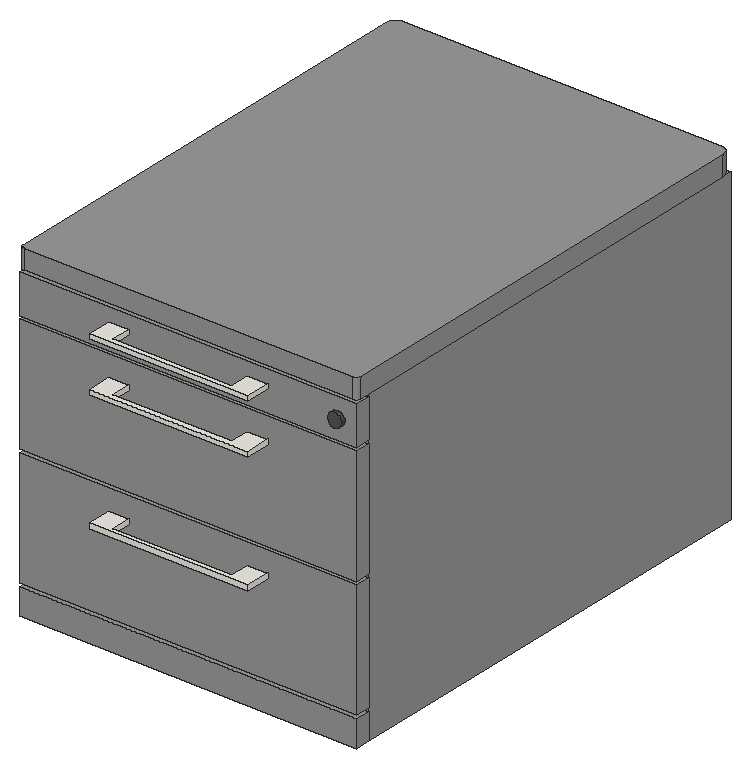
Revit family "Haworth_HC1Pedestal_7HE_EU_PRELIMINARY", category Furniture Systems, Revit 2019
Family settings
  Round Connector Dimension = Use Diameter
  Part Type = Normal
  OmniClass Number = 23.40.70.14.64.21
  OmniClass Title = Systems Furniture
  Work Plane-Based = No
  Always vertical = Yes
  Cut with Voids When Loaded = No
  Shared = No
  Room Calculation Point = No
Parameters (values of type "1/3/3 43.3 x 60 x 41.6")
  Without Pull = no
  Warranty = "http://www.haworth.com/resources/product-info/warranties"
  URL - Product = "https://www.haworth.com/eu/en/products/office-drawers/hc1.html"
  Top Depth = if([60D Top], 60 cm, 70 cm)  # 60 cm
  Thickness = if(High, 2.5 cm, 1.9 cm)  # 2.5 cm
  Standard Handle 2 = no
  Standard Handle 1 = no
  Recessed Handle 128 = no
  Pull Finish = Haworth _ Paint _ Smooth Plaster
  Pedestal Finish [instance] = Haworth _ Laminate _ Undecided _ Pedestal
  Model = "MS706133"  # constant formula
  Low = not(High)  # no
  High = yes
  Handle Metal = no
  Handle 2 = no
  Handle 128 128 = yes
  Handle 1 = no
  Glides = not(Casters)  # yes
  Glide Finish = Haworth _ Polymer _ Black
  Front Finish [instance] = Haworth _ Laminate _ Undecided _ Pedestal
  Description = "Haworth - HC1 Pedestal - 7HE Pedestal"  # constant formula
  URL = "https://www.haworth.com/eu/en.html"
  Size = "Verify Final Dim. w/ Haworth"  # constant formula
  Revision Number = "1"  # constant formula
  Manufacturer = "Haworth"  # constant formula
  Cushion Finish [instance] = Haworth _ Fabric _ Undecided _ Seating _ Lounge
  Casters = no
  Author = "Haworth (Abd Rahman)"  # constant formula
  Assembly Code = "E2020200"
  Actual Width = 43.3 cm  # constant formula
  Actual Height = 41.6 cm  # constant formula
  Actual Depth = 60 cm  # constant formula
  70D Top = not([60D Top])  # no
  60D Top = yes
Reference planes (cm)
  plane 1 "Storage Top Center F/B": y = 5
  plane 2: z = 0
  plane 3 "Storage Top Center L/R": x = 0
  plane 4 "Left": x = -21.65
  plane 5 "Back": y = 35
  plane 6 "Front": y = -25
  plane 7 "Right": x = 21.65
  plane 8 "Top": z = 44.1
  plane 9 "Bottom": z = 41.6
  plane 10: z = 1.6
  plane 11: z = 36.2
  plane 12: z = 35.8
  plane 13: z = 41.2
  plane 14: y = -23.095
  plane 15: y = 35
  plane 16: x = 19.15
  plane 17: z = 38.7
  plane 18: y = -26
  plane 19: z = 32.8
  plane 20: z = 1.6
  plane 21: z = 39.2
  plane 22: x = 9
  plane 23: x = -9
  plane 24: z = 34.175
  plane 25: z = 31.175
  plane 26: z = 18.65
  plane 27: z = 15.65
  plane 28: y = -25.4499
  plane 29: x = -7
  plane 30: x = 6.9654
  plane 31: z = 40.1924
  plane 32: z = 38.1924
  plane 33: z = 33.6674
  plane 34: z = 31.6674
  plane 35: z = 18.3986
  plane 36: z = 16.3986
  plane 37: y = -25.1733
  plane 38: z = 20.8
  plane 39: z = 20.4
  plane 40: z = 5.4
  plane 41: z = 5
  plane 42: y = -25.4499
  plane 43: z = 17.4
  plane 44: z = 40.7475
  plane 45: z = 37.7475
Forms (cm)
  Extrusion 1, solid, material "Haworth _ Fabric _ Undecided _ Seating _ Lounge" <- "Cushion Finish"
    sketch origin (-91.5403, -457.2, 41.6) x (-1, 0, 0) y (0, -1, 0)
      loop
        arc (-71.1603, -492.2) -> (-70.2623, -491.828) -> (-69.8903, -490.93) r 1.27
        line (-69.8903, -490.93) -> (-69.8903, -432.7913)
        arc (-69.8903, -432.7913) -> (-70.0635, -432.3732) -> (-70.4816, -432.2) r 0.5913
        line (-70.4816, -432.2) -> (-112.599, -432.2)
        arc (-112.599, -432.2) -> (-113.0171, -432.3732) -> (-113.1903, -432.7913) r 0.5913
        line (-113.1903, -432.7913) -> (-113.1903, -490.93)
        arc (-113.1903, -490.93) -> (-112.8183, -491.828) -> (-111.9203, -492.2) r 1.27
        line (-111.9203, -492.2) -> (-71.1603, -492.2)
    from 0 to 2.5
  Extrusion 2, solid, material "Haworth _ Laminate _ Undecided _ Pedestal" <- "Pedestal Finish"
    sketch origin (0, 0, 0) x (1, 0, 0) y (0, 1, 0)
      loop
        line (-21.65, 35) -> (-21.65, -23.095) -> (21.65, -23.095) -> (21.65, 35) -> (-21.65, 35)
    from 1.6 to 41.6
  Extrusion 3, solid, material "Haworth _ Polymer _ Black" <- "Glide Finish", visible <- "Glides"
    sketch origin (0, 0, 0) x (1, 0, 0) y (0, 1, 0)
      loop
        line (-19.65, -16.5595) -> (-19.65, -20.2688)
        arc (-19.65, -20.2688) -> (-14.3286, -18.4141) -> (-19.65, -16.5595) r 2.9839
      loop
        arc (19.65, -16.5595) -> (14.3286, -18.4141) -> (19.65, -20.2688) r 2.9839
        line (19.65, -20.2688) -> (19.65, -16.5595)
      loop
        arc (-19.65, 26.9645) -> (-14.3286, 28.8191) -> (-19.65, 30.6738) r 2.9839
        line (-19.65, 30.6738) -> (-19.65, 26.9645)
      loop
        line (19.65, 26.9645) -> (19.65, 30.6738)
        arc (19.65, 30.6738) -> (14.3286, 28.8191) -> (19.65, 26.9645) r 2.9839
    from 0 to 1.6
  Extrusion 4, solid, material "Haworth _ Polymer _ Black" <- "Glide Finish"
    sketch origin (257.4608, -25, 4.494) x (1, 0, 0) y (0, 0, -1)
      loop
        circle (-238.3108, -34.206) r 0.9
    from -0.4499 to 0
  Extrusion 5, solid, material "Haworth _ Paint _ Smooth Plaster" <- "Pull Finish", visible <- "Recessed Handle 128"
    sketch origin (0, -25, 0) x (1, 0, 0) y (0, 0, -1)
      loop
        line (-9, -34.175) -> (9, -34.175) -> (9, -31.175) -> (-9, -31.175) -> (-9, -34.175)
      loop
        line (-9, -18.65) -> (9, -18.65) -> (9, -15.65) -> (-9, -15.65) -> (-9, -18.65)
      loop
        line (-9, -40.7475) -> (9, -40.7475) -> (9, -37.7475) -> (-9, -37.7475) -> (-9, -40.7475)
    from -0.4499 to 0
  Extrusion 6, void
    sketch origin (0, -25, 0) x (1, 0, 0) y (0, 0, -1)
      loop
        line (-7, -40.1924) -> (6.9654, -40.1924) -> (6.9654, -38.1924) -> (-7, -38.1924) -> (-7, -40.1924)
      loop
        line (-7, -33.7924) -> (6.9654, -33.7924) -> (6.9654, -31.7924) -> (-7, -31.7924) -> (-7, -33.7924)
      loop
        line (-7, -18.3986) -> (6.9654, -18.3986) -> (6.9654, -16.3986) -> (-7, -16.3986) -> (-7, -18.3986)
    from -25.6289 to -0.1733
  Extrusion 7, solid, material "Haworth _ Polymer _ Black" <- "Glide Finish", visible <- "Casters"
    sketch origin (0, -25, 0) x (1, 0, 0) y (0, 0, -1)
      loop
        line (14.7912, -1.6) -> (18.7912, -1.6)
        arc (18.7912, -1.6) -> (16.7912, 0.0096) -> (14.7912, -1.6) r 2.0473
      loop
        arc (-14.7912, -1.6) -> (-16.7912, 0.0096) -> (-18.7912, -1.6) r 2.0473
        line (-18.7912, -1.6) -> (-14.7912, -1.6)
    from 4.7312 to 8.4405
  Extrusion 8, solid, material "Haworth _ Laminate _ Undecided _ Pedestal" <- "Pedestal Finish"
    sketch origin (257.4608, -25, 4.494) x (1, 0, 0) y (0, 0, -1)
      loop
        line (-279.1108, 2.894) -> (-279.1108, -0.506) -> (-235.8108, -0.506) -> (-235.8108, 2.894) -> (-279.1108, 2.894)
    from 0 to 1.905
  Extrusion 9, solid, material "Haworth _ Polymer _ Black" <- "Glide Finish", visible <- "Casters"
    sketch origin (0, 35, 0) x (1, 0, 0) y (0, 0, 1)
      loop
        arc (14.7912, 1.6) -> (16.7912, -0.0096) -> (18.7912, 1.6) r 2.0473
        line (18.7912, 1.6) -> (14.7912, 1.6)
      loop
        line (-14.7912, 1.6) -> (-18.7912, 1.6)
        arc (-18.7912, 1.6) -> (-16.7912, -0.0096) -> (-14.7912, 1.6) r 2.0473
    from 4.3262 to 8.0355
Cuts and joins
  Extrusion 6 cuts Extrusion 2
  Extrusion 6 cuts Extrusion 5
Lines and regions (cm)
  Masking region 1
    outline origin (0, 0, 44.1) x (-1, 0, 0) y (0, -1, 0)
      loop
        line (21.65, -33.73) -> (21.65, 23.325)
        arc (21.65, 23.325) -> (21.1594, 24.5094) -> (19.975, 25) r 1.675
        line (19.975, 25) -> (-20.38, 25)
        arc (-20.38, 25) -> (-21.278, 24.628) -> (-21.65, 23.73) r 1.27
        line (-21.65, 23.73) -> (-21.65, -33.73)
        arc (-21.65, -33.73) -> (-21.278, -34.628) -> (-20.38, -35) r 1.27
        line (-20.38, -35) -> (20.38, -35)
        arc (20.38, -35) -> (21.278, -34.628) -> (21.65, -33.73) r 1.27
Dimensions and locks (cm)
  equal spacing: plane 5 "Back", plane 1 "Storage Top Center F/B", plane 6 "Front"
  "Actual Depth": plane 5 "Back" to plane 6 "Front"
  equal spacing: plane 4 "Left", plane 3 "Storage Top Center L/R", plane 7 "Right"
  "Actual Width": plane 4 "Left" to plane 7 "Right"
  "Thickness": plane 8 "Top" to plane 9 "Bottom"
  "Actual Height": plane 9 "Bottom" to level
  locked: plane 11 to plane 12 at 0.4
  plane 9 "Bottom" to plane 13 = 0.4 cm
  plane 13 to plane 11 = 5 cm
  locked: plane 6 "Front" to plane 14 at 1.905
  "Top Depth": plane 15 to plane 6 "Front"
  locked: plane 16 to plane 7 "Right" at 2.5
  locked: plane 13 to plane 17 at 2.5
  locked: plane 18 to plane 6 "Front" at 1
  locked: plane 12 to plane 19 at 3
  locked: plane 13 to plane 21 at 2
  equal spacing: plane 23, plane 3 "Storage Top Center L/R", plane 22
  locked: plane 28 to plane 6 "Front" at 0.4499
  plane 35 to plane 36 = 2 cm
  plane 31 to plane 21 to plane 32 = 0.9924 cm, 1.0076 cm
  plane 29 to plane 3 "Storage Top Center L/R" to plane 30 = 7 cm locked, 6.9654 cm locked
  locked: plane 37 to plane 6 "Front" at 0.1733
  locked: plane 10 to level at 1.6
  plane 40 to plane 41 = 0.4 cm
  locked: plane 38 to plane 39 at 0.4
  plane 12 to plane 38 = 15 cm
  locked: plane 42 to plane 6 "Front" at 0.4499
  plane 39 to plane 40 = 15 cm
  locked: plane 39 to plane 43 at 3
  plane 26 to plane 43 to plane 27 = 1.25 cm, 1.75 cm
  plane 44 to plane 45 = 3 cm
  plane 33 to plane 34 = 2 cm
  aligned and locked: plane 7 "Right" to Extrusion 1 sketch curve
  aligned and locked: plane 6 "Front" to Extrusion 1 sketch curve
  aligned and locked: plane 4 "Left" to Extrusion 1 sketch curve
  aligned and locked: plane 8 "Top" to Extrusion 1
  aligned and locked: Extrusion 1 to plane 9 "Bottom"
  aligned and locked: Masking region 1 to plane 6 "Front"
  aligned and locked: plane 7 "Right" to Extrusion 2 sketch curve
  aligned and locked: plane 4 "Left" to Extrusion 2 sketch curve
  aligned and locked: plane 5 "Back" to Extrusion 2 sketch curve
  aligned and locked: Extrusion 3 to level
  aligned and locked: Extrusion 2 to plane 14
  aligned and locked: plane 15 to Masking region 1 sketch curve
  aligned and locked: Extrusion 1 sketch curve to plane 15
  aligned and locked: plane 16 to Extrusion 4 sketch curve
  aligned and locked: plane 17 to Extrusion 4 sketch curve
  aligned and locked: plane 6 "Front" to Extrusion 4
  aligned and locked: Extrusion 5 sketch curve to plane 24
  aligned and locked: plane 25 to Extrusion 5 sketch curve
  aligned and locked: plane 22 to Extrusion 5 sketch curve  (x2)
  aligned and locked: Extrusion 5 sketch curve to plane 23  (x2)
  aligned and locked: Extrusion 5 sketch curve to plane 26
  aligned and locked: plane 27 to Extrusion 5 sketch curve
  aligned and locked: plane 6 "Front" to Extrusion 5
  aligned and locked: plane 30 to Extrusion 6 sketch curve  (x3)
  aligned and locked: Extrusion 6 sketch curve to plane 29  (x3)
  aligned and locked: Extrusion 6 sketch curve to plane 31
  aligned and locked: plane 32 to Extrusion 6 sketch curve
  aligned and locked: Extrusion 6 sketch curve to plane 35
  aligned and locked: plane 36 to Extrusion 6 sketch curve
  aligned and locked: cut or joined group of Extrusion 2, Extrusion 6 to plane 37
  aligned and locked: plane 3 "Storage Top Center L/R" to nested 3
  aligned and locked: plane 3 "Storage Top Center L/R" to nested 2
  aligned and locked: plane 3 "Storage Top Center L/R" to nested 1
  aligned and locked: plane 19 to nested 3
  aligned and locked: plane 21 to nested 1
  aligned and locked: nested 2 to plane 6 "Front"
  aligned and locked: nested 3 to plane 6 "Front"
  aligned and locked: nested 1 to plane 6 "Front"
  aligned and locked: plane 21 to nested 5
  aligned and locked: nested 5 to plane 6 "Front"
  aligned and locked: nested 4 to plane 6 "Front"
  aligned and locked: plane 3 "Storage Top Center L/R" to nested 5
  aligned and locked: plane 3 "Storage Top Center L/R" to nested 4
  aligned and locked: plane 10 to Extrusion 3
  aligned and locked: cut or joined group of Extrusion 2, Extrusion 6 to plane 10
  aligned and locked: plane 28 to Extrusion 4
  aligned and locked: plane 9 "Bottom" to cut or joined group of Extrusion 2, Extrusion 6
  aligned and locked: Extrusion 7 sketch curve to plane 20
  aligned and locked: plane 13 to nested 6
  aligned and locked: plane 3 "Storage Top Center L/R" to nested 6
  aligned and locked: plane 6 "Front" to nested 6
  aligned and locked: plane 3 "Storage Top Center L/R" to nested 7
  aligned and locked: plane 6 "Front" to nested 7
  aligned and locked: nested 7 to plane 39
  aligned and locked: plane 10 to plane 20
  aligned and locked: plane 7 "Right" to Extrusion 8 sketch curve
  aligned and locked: plane 4 "Left" to Extrusion 8 sketch curve
  aligned and locked: plane 42 to Extrusion 4
  aligned and locked: plane 42 to cut or joined group of Extrusion 5, Extrusion 6
  aligned and locked: plane 3 "Storage Top Center L/R" to nested 8
  aligned and locked: nested 8 to plane 12
  aligned and locked: plane 6 "Front" to nested 8
  aligned and locked: Extrusion 8 to plane 41
  aligned and locked: Extrusion 8 to plane 10
  aligned and locked: Extrusion 5 sketch curve to plane 44
  aligned and locked: plane 45 to Extrusion 5 sketch curve
  aligned and locked: plane 19 to nested 4
  aligned and locked: nested 9 to plane 43
  aligned and locked: plane 3 "Storage Top Center L/R" to nested 9
  aligned and locked: plane 6 "Front" to nested 9
  aligned and locked: plane 43 to nested 2
Automatic sketch dimensions
  plane 6 "Front" to Extrusion 1 sketch curve = 0.5913 cm
  plane 5 "Back" to Extrusion 1 sketch curve = 1.27 cm
  plane 4 "Left" to Extrusion 1 sketch curve = 1.27 cm
  plane 4 "Left" to Extrusion 1 sketch curve = 0.5913 cm
  Masking region 1 sketch curve to plane 7 "Right" = 0 cm
  Masking region 1 sketch curve to plane 6 "Front" = 0 cm
  Masking region 1 sketch curve to plane 4 "Left" = 0 cm
  plane 7 "Right" to Masking region 1 sketch curve = 1.27 cm
  plane 5 "Back" to Masking region 1 sketch curve = 1.27 cm
  Masking region 1 sketch curve to plane 14 = 0.23 cm
  plane 4 "Left" to Masking region 1 sketch curve = 1.27 cm
  Extrusion 2 sketch curve to plane 14 = 0 cm
  plane 4 "Left" to Extrusion 3 sketch curve = 2 cm  (x2)
  Extrusion 3 sketch curve to Extrusion 3 sketch curve = 2.3375 cm  (x2)
  plane 7 "Right" to Extrusion 3 sketch curve = 4.3375 cm  (x2)
  plane 7 "Right" to Extrusion 3 sketch curve = 2 cm  (x2)
  plane 14 to Extrusion 3 sketch curve = 2.8262 cm  (x2)
  Extrusion 3 sketch curve to Extrusion 3 sketch curve = 1.8547 cm  (x4)
  plane 5 "Back" to Extrusion 3 sketch curve = 8.0355 cm  (x2)
  Extrusion 5 sketch curve to plane 23 = 0 cm
  Extrusion 5 sketch curve to plane 22 = 0 cm
  Extrusion 6 sketch curve to plane 34 = 0.125 cm
  Extrusion 6 sketch curve to plane 33 = 0.125 cm
  Extrusion 7 sketch curve to plane 10 = 0 cm
  Extrusion 7 sketch curve to plane 4 "Left" = 2.8588 cm
  Extrusion 7 sketch curve to plane 10 = 0.4377 cm  (x2)
  Extrusion 7 sketch curve to Extrusion 7 sketch curve = 2 cm  (x2)
  Extrusion 7 sketch curve to plane 7 "Right" = 6.8588 cm
  Extrusion 8 sketch curve to plane 10 = 0 cm
  Extrusion 8 sketch curve to plane 41 = 0 cm
  Extrusion 9 sketch curve to plane 10 = 0 cm  (x2)
  plane 4 "Left" to Extrusion 9 sketch curve = 2.8588 cm
  plane 10 to Extrusion 9 sketch curve = 0.4377 cm  (x2)
  Extrusion 9 sketch curve to Extrusion 9 sketch curve = 2 cm  (x2)
  plane 7 "Right" to Extrusion 9 sketch curve = 6.8588 cm
  radius of Extrusion 4 sketch curve = 0.9 cm
Nested families (cm)
  nested 1: "Haworth_Epure_Storage_Drawer-Pulls" at (0, -25, 39.2), type "Pull"
    with Metal no, Handle 2 no, Handle 1 no
  nested 2: "Haworth_Epure_Storage_Drawer-Pulls" at (0, -25, 17.4), type "Pull"
    with Metal no, Handle 2 no, Handle 1 no
  nested 3: "Haworth_Epure_Storage_Drawer-Pulls" at (0, -25, 32.8), type "Pull"
    with Metal no, Handle 2 no, Handle 1 no
  nested 4: "Haworth_Drawer-Pulls" at (0, -25, 32.8), type "Pull"
    with Linear yes, Ellipse no
  nested 5: "Haworth_Drawer-Pulls" at (0, -25, 39.2), type "Pull"
    with Linear yes, Ellipse no
  nested 6: "Haworth_MSeries_Drawer_PART" at (0, -22.1117, 36.2), type "Haworth_Drawer - Without Lock - 1"
    with Pull Height 26.2731 cm, Drawer Height 5 cm, Linear Pull no, Ellipse Pull no, Drawer Width 43.3 cm
  nested 7: "Haworth_MSeries_Drawer_PART" at (0, -22.1117, 5.4), type "Haworth_Drawer - Without Lock - 3"
    with Pull Height 26.2731 cm, Drawer Height 15 cm, Linear Pull no, Ellipse Pull no, Drawer Width 43.3 cm
  nested 8: "Haworth_MSeries_Drawer_PART" at (0, -22.1117, 20.8), type "Haworth_Drawer - Without Lock - 3"
    with Pull Height 26.2731 cm, Drawer Height 15 cm, Linear Pull no, Ellipse Pull no, Drawer Width 43.3 cm
  nested 9: "Haworth_Drawer-Pulls" at (0, -25, 17.4) x (-1, 0, 0) z (0, 0, 1), type "Pull"
    with Linear yes, Ellipse no
Definition of nested family "Haworth_Drawer-Pulls"
  Parameters (values of type "Pull")
    Taper = no
    Radius = no
    Patterns = no
    Linear = no
    Handle Finish = none
    Ellipse = yes
    Cresent = no
    Classic = no
    Assembly Code = ""
  Reference planes (cm)
    plane 1 "Center Front/Back": y = 0
    plane 2: z = 0
    plane 3 "Center Left/Right": x = 0
    plane 4: x = -13
    plane 5: x = 13
  Forms (cm)
    Extrusion 1, solid, material <- "Handle Finish", visible <- "Ellipse"
      sketch origin (0, 0, 0.4043) x (0, 1, 0) y (0, 0, 1)
        loop
          arc (-0.0766, 0) -> (-0.6785, -0.0758) -> (-1.2456, -0.2915) r 2.5527
          arc (-1.2456, -0.2915) -> (-1.6565, -0.5616) -> (-2.0062, -0.9074) r 2.4865
          arc (-2.0062, -0.9074) -> (-2.2178, -1.2005) -> (-2.3884, -1.5191) r 2.7094
          arc (-2.3884, -1.5191) -> (-2.3108, -1.6801) -> (-2.1479, -1.6067) r 0.128
          arc (-2.1479, -1.6067) -> (-1.7188, -0.9918) -> (-1.1354, -0.5209) r 2.6641
          arc (-1.1354, -0.5209) -> (-0.8893, -0.4088) -> (-0.6314, -0.3274) r 2.2187
          arc (-0.6314, -0.3274) -> (-0.4078, -0.3858) -> (-0.29, -0.5847) r 0.3035
          arc (-0.29, -0.5847) -> (-0.1687, -0.7045) -> (0, -0.6789) r 0.1902
          line (0, -0.6789) -> (0, -0.1296) -> (-0.0766, 0)
      from -13 to 13
    Extrusion 2, void
      sketch origin (0, 0, 0.4043) x (1, 0, 0) y (0, 1, 0)
        loop
          line (-16.5099, 0) -> (-16.9486, 0) -> (-16.9486, -2.835) -> (16.9486, -2.835) -> (16.9486, 0) -> (16.5099, 0)
          arc (16.5099, 0) -> (16.423, -0.4523) -> (16.1849, -0.8466) r 1.31
          arc (16.1849, -0.8466) -> (15.839, -1.1305) -> (15.4202, -1.2881) r 1.3735
          arc (15.4202, -1.2881) -> (11.6131, -1.8997) -> (7.7712, -2.2273) r 51.9795
          arc (7.7712, -2.2273) -> (0, -2.4137) -> (-7.7712, -2.2273) r 162.0476
          arc (-7.7712, -2.2273) -> (-11.6131, -1.8997) -> (-15.4202, -1.2881) r 51.9795
          arc (-15.4202, -1.2881) -> (-15.839, -1.1305) -> (-16.1849, -0.8466) r 1.3735
          arc (-16.1849, -0.8466) -> (-16.423, -0.4523) -> (-16.5099, 0) r 1.31
      from 0 to -2.308
    Blend 3, solid, material <- "Handle Finish", visible <- "Radius"
      base sketch origin (0, 0, 0.7938) x (0, 1, 0) y (0, 0, -1)
        loop
          line (0, 0) -> (0, 1.5875) -> (-1.0246, 1.5875)
          arc (-1.0246, 1.5875) -> (-1.8184, 0.7938) -> (-1.0246, 0) r 0.7938
          line (-1.0246, 0) -> (0, 0)
      top sketch origin (0, 0, 0.7938) x (0, 1, 0) y (0, 0, -1)
        loop
          line (0, 0) -> (0, 1.5875) -> (-1.9782, 1.5875)
          arc (-1.9782, 1.5875) -> (-2.772, 0.7938) -> (-1.9782, 0) r 0.7938
          line (-1.9782, 0) -> (0, 0)
      from -12.3825 to -9.2075
    Sweep 4, solid, material <- "Handle Finish", visible <- "Radius"
      path origin (0, 0, 0) x (1, 0, 0) y (0, 1, 0)
        loop
          arc (-12.3825, -1.8184) -> (0, -3.9179) -> (12.3825, -1.8184) r 37.5636
      profile origin (0, -3.9179, 0) x (0, 1, 0) y (0, 0, 1)
        loop
          circle (0.7938, 0) r 0.7739
    Extrusion 5, solid, material <- "Handle Finish", visible <- "Taper"
      sketch origin (0, 0, 0.6929) x (0, 1, 0) y (0, 0, 1)
        loop
          line (0, 0) -> (-2.2225, 0)
          arc (-2.2225, 0) -> (-2.447, -0.093) -> (-2.54, -0.3175) r 0.3175
          line (-2.54, -0.3175) -> (-2.54, -1.778) -> (-2.4609, -1.778) -> (-2.4609, -0.3178)
          arc (-2.4609, -0.3178) -> (-2.3911, -0.1492) -> (-2.2225, -0.0794) r 0.2384
          line (-2.2225, -0.0794) -> (-0.0794, -0.0794) -> (-0.0794, -1.3462) -> (0, -1.3462) -> (0, 0)
      from -16.6535 to 16.6535
    Extrusion 6, void
      sketch origin (0, 0, 0.6929) x (1, 0, 0) y (0, 0, 1)
        loop
          arc (-13.2932, -1.8265) -> (-15.2327, -1.3323) -> (-16.6993, 0.0298) r 4.0532
          line (-16.6993, 0.0298) -> (-17.4239, 0.0298) -> (-17.4239, -2.54) -> (17.4239, -2.54) -> (17.4239, 0.0298) -> (16.6993, 0.0298)
          arc (16.6993, 0.0298) -> (15.2327, -1.3323) -> (13.2932, -1.8265) r 4.0532
          line (13.2932, -1.8265) -> (-13.2932, -1.8265)
      from 0 to 5.5909
    Sweep 7, solid, material <- "Handle Finish", visible <- "Cresent"
      path origin (0, 0, 0.3175) x (1, 0, 0) y (0, 1, 0)
        loop
          arc (-9.6589, 0.1016) -> (0, -3.175) -> (9.6589, 0.1016) r 15.875
      profile origin (0, -3.175, 0.3175) x (0, 1, 0) y (0, 0, 1)
        loop
          circle (0.3175, -0.3175) r 0.3175
    Extrusion 8, void
      sketch origin (0, 0, 0.3175) x (1, 0, 0) y (0, 1, 0)
        loop
          line (-10.0214, 0) -> (10.0177, 0) -> (10.0177, 0.8146) -> (-10.0214, 0.8146) -> (-10.0214, 0)
      from 0.0882 to -0.7228
    Extrusion 9, solid, material <- "Handle Finish", visible <- "Linear"
      sketch origin (0, 0, 0.3175) x (1, 0, 0) y (0, 1, 0)
        loop
          line (-10.16, 0) -> (-10.16, -3.175) -> (10.16, -3.175) -> (10.16, 0) -> (7.62, 0) -> (7.62, -2.54) -> (-7.62, -2.54) -> (-7.62, 0) -> (-10.16, 0)
      from 0 to -0.635
    Extrusion 10, solid, material <- "Handle Finish", visible <- "Classic"
      sketch origin (0, 0, 0.9525) x (1, 0, 0) y (0, 0, 1)
        loop
          line (-8.5725, 0) -> (-8.5725, -1.905)
          arc (-8.5725, -1.905) -> (-7.62, -0.9525) -> (-8.5725, 0) r 0.9525
      from 0 to 2.54
    Extrusion 11, solid, material <- "Handle Finish", visible <- "Classic"
      sketch origin (0, 0, 0.9525) x (-1, 0, 0) y (0, 0, -1)
        loop
          arc (-8.5725, 0) -> (-7.62, 0.9525) -> (-8.5725, 1.905) r 0.9525
          line (-8.5725, 1.905) -> (-8.5725, 0)
      from 0 to 2.54
    Extrusion 12, solid, material <- "Handle Finish", visible <- "Classic"
      sketch origin (0, 0, 0.9525) x (1, 0, 0) y (0, 0, 1)
        loop
          line (-8.5725, 0) -> (-8.5725, -1.905) -> (8.5725, -1.905) -> (8.5725, 0) -> (-8.5725, 0)
      from 2.54 to 3.175
    Blend 13, solid, material <- "Handle Finish", visible <- "Radius"
      base sketch origin (0, 0, 0.7938) x (0, 1, 0) y (0, 0, 1)
        loop
          line (0, 0) -> (-1.0246, 0)
          arc (-1.0246, 0) -> (-1.8184, -0.7938) -> (-1.0246, -1.5875) r 0.7938
          line (-1.0246, -1.5875) -> (0, -1.5875) -> (0, 0)
      top sketch origin (0, 0, 0.7938) x (0, 1, 0) y (0, 0, 1)
        loop
          line (0, 0) -> (-1.9782, 0)
          arc (-1.9782, 0) -> (-2.772, -0.7938) -> (-1.9782, -1.5875) r 0.7938
          line (-1.9782, -1.5875) -> (0, -1.5875) -> (0, 0)
      from -12.3825 to -9.2075
    Extrusion 14, solid, material <- "Handle Finish", visible <- "Patterns"
      sketch origin (0, 0, 0.6929) x (0, 1, 0) y (0, 0, 1)
        loop
          line (0, 0) -> (-2.2225, 0)
          arc (-2.2225, 0) -> (-2.447, -0.093) -> (-2.54, -0.3175) r 0.3175
          line (-2.54, -0.3175) -> (-2.54, -1.778) -> (-2.4609, -1.778) -> (-2.4609, -0.3178)
          arc (-2.4609, -0.3178) -> (-2.3911, -0.1492) -> (-2.2225, -0.0794) r 0.2384
          line (-2.2225, -0.0794) -> (-0.0794, -0.0794) -> (-0.0794, -1.3462) -> (0, -1.3462) -> (0, 0)
      from -10.16 to 10.16
  Cuts and joins
    Extrusion 2 cuts Extrusion 1
    joined: Extrusion 10, Extrusion 11, Extrusion 12
    Extrusion 6 cuts Extrusion 5
    Extrusion 8 cuts Sweep 7
    joined: Blend 3, Sweep 4, Blend 13
Definition of nested family "Haworth_MSeries_Drawer_PART"
  Parameters (values of type "Haworth_Drawer - Without Lock")
    with Pull = yes
    With Lock = no
    Wing Pull Length = 21.1138 cm
    Wing Pull = no
    Warranty = "http://www.haworth.com/resources/product-info/warranties"
    URL - Product = ""
    URL = "www.haworth.com"
    Trim Finish = none
    Side Recess = no
    Revision Number = "1"  # constant formula
    Pull Linear Height = 18.6531 cm
    Pull Height [instance] = 26.2731 cm
    Pull Finish = none
    Pull Ellipse Height = 26.2731 cm
    Note = "Verify Final Dim. w/ Haworth"  # constant formula
    Model = "Haworth Be_Hold"  # constant formula
    Manufacturer = "Haworth"  # constant formula
    Lock Offset Top = 15 cm
    Lock Offset Side = 45 cm
    Linear Pull = yes
    Front Recess = no
    Front Finish = none
    Front Edge Finish = none
    Ellipse Pull = yes
    Drawer Width = 90 cm
    Drawer Height [instance] = 30.48 cm
    Description = "Haworth - Be_Hold - Drawer"
    Cresent Pull = no
    Classic Pull Length = 0.44 cm
    Classic Pull = no
    Blade Pull Length = 39.0413 cm
    Blade Pull = no
    Linear Pull Length = 20 cm
    Author = "Haworth (Alias)"  # constant formula
    Assembly Code = ""
  Types (2, lengths in cm): name | With Lock | Pull Linear Height | Lock Offset Top
    Haworth_Drawer | yes | 26.2731 | 3
    Haworth_Drawer - Without Lock | no | 18.6531 | 15
  Reference planes (cm)
    plane 1 "Drawer Back": y = -0.6658
    plane 2: z = 0
    plane 3 "Center L/R": x = 0
    plane 4 "Drawer Front": y = -2.8883
    plane 5 "Left": x = -45
    plane 6 "Right": x = 45
    plane 7 "Top": z = 30.48
    plane 8 "Hardware Start": y = -0.9833
    plane 9 "Lock Side": x = 0
    plane 10 "Lock Horizontal": z = 15.48
    plane 11 "2": z = 17.7025
    plane 12: z = 18.6531
    plane 13: z = 26.2731
  Forms (cm)
    Extrusion 1, solid, material <- "Front Finish", visible <- "with Pull"
      sketch origin (0, -2.8883, 0) x (-1, 0, 0) y (0, 0, 1)
        loop
          line (-45, 30.48) -> (-45, 0) -> (45, 0) -> (45, 30.48) -> (-45, 30.48)
      from 0 to 1.905
    Revolve 2, solid, material <- "Trim Finish", visible <- "With Lock"
      sketch origin (0, 0, 15.48) x (-1, 0, 0) y (0, -1, 0)
        loop
          line (0, 2.8883) -> (0, 3.2057) -> (-0.7939, 3.2057)
          arc (-0.7939, 3.2057) -> (-1.0184, 3.1128) -> (-1.1113, 2.8883) r 0.3174
          line (-1.1113, 2.8883) -> (0, 2.8883)
        axis (0, 2.8883) -> (0, 3.2057)
      angle from 0 to 360
  Lines and regions (cm)
    Masking region 1
      outline origin (0, 0, 15.48) x (-1, 0, 0) y (0, -1, 0)
        loop
          line (45, 0.9833) -> (45, 2.8883) -> (-45, 2.8883) -> (-45, 0.9833) -> (45, 0.9833)
  Dimensions and locks (cm)
    equal spacing: plane 5 "Left", plane 3 "Center L/R", plane 6 "Right"
    "Drawer Width": plane 5 "Left" to plane 6 "Right"
    "Drawer Height": plane 7 "Top" to level
    locked: plane 1 "Drawer Back" to plane 8 "Hardware Start" at 0.3175
    plane 4 "Drawer Front" to plane 1 "Drawer Back" = 2.2225 cm
    plane 4 "Drawer Front" to plane 8 "Hardware Start" = 1.905 cm
    "Lock Offset Side": plane 9 "Lock Side" to plane 6 "Right"
    "Lock Offset Top": plane 7 "Top" to plane 10 "Lock Horizontal"
    locked: Revolve 2 sketch curve to plane 4 "Drawer Front" at 0.3174
    locked: plane 9 "Lock Side" to Revolve 2 sketch curve at 1.1113
    locked: plane 11 "2" to plane 10 "Lock Horizontal" at 2.2225
    "Pull Linear Height": plane 12 to level
    "Pull Ellipse Height": plane 13 to plane 2
    aligned and locked: Extrusion 1 sketch curve to plane 6 "Right"
    aligned and locked: Extrusion 1 sketch curve to plane 7 "Top"
    aligned and locked: Extrusion 1 sketch curve to plane 5 "Left"
    aligned and locked: Extrusion 1 sketch curve to plane 2
    aligned and locked: Extrusion 1 to plane 8 "Hardware Start"
    aligned and locked: Extrusion 1 to plane 4 "Drawer Front"
    aligned and locked: plane 9 "Lock Side" to Revolve 2 sketch curve  (x2)
    aligned and locked: Revolve 2 sketch curve to plane 4 "Drawer Front"
    aligned and locked: plane 3 "Center L/R" to nested 1
    aligned and locked: nested 1 to plane 4 "Drawer Front"
    aligned and locked: plane 6 "Right" to Masking region 1 sketch curve
    aligned and locked: Masking region 1 sketch curve to plane 8 "Hardware Start"
    aligned and locked: plane 4 "Drawer Front" to Masking region 1 sketch curve
    aligned and locked: plane 5 "Left" to Masking region 1 sketch curve
    aligned and locked: plane 7 "Top" to nested 2
    aligned and locked: plane 3 "Center L/R" to nested 2
    aligned and locked: nested 2 to plane 4 "Drawer Front"
    aligned and locked: nested 3 to plane 8 "Hardware Start"
    aligned and locked: nested 3 to plane 3 "Center L/R"
    aligned and locked: plane 12 to nested 1
    aligned and locked: plane 13 to nested 4
  Automatic sketch dimensions
    plane 8 "Hardware Start" to Revolve 2 sketch curve = 0.5061 cm
    Revolve 2 sketch curve to Revolve 2 sketch curve = 1.0541 cm
  Nested families (cm)
    nested 1: "Haworth_Drawer-Pulls_PART" at (0, -2.8883, 18.6531), built-in parameter 1001364 <- "Pull Height", visible <- "Linear Pull", type "Pull"
    nested 2: "Haworth_Door-Panel_Swing" at (2.9977, -2.0126, 0) x (-1, 0, 0) z (0, 0, 1), visible <- "Side Recess", type "Door"
      with with Lock yes, Finger Pull Location 0.381 cm, Finger Pull no, Door Width 90 cm
    nested 3: "Haworth_Door-Panel_FrontRecess-Swing" at (2.9977, -2.0126, 0) x (-1, 0, 0) z (0, 0, 1), visible <- "Front Recess", type "Door"
      with with Lock yes, Finger Pull Location 0.381 cm, Finger Pull no, Door Width 90 cm
    nested 4: "Haworth_Drawer-Pulls" at (0, -2.8883, 25.8689), visible <- "Ellipse Pull", type "Pull"
  Definition of nested family "Haworth_Drawer-Pulls_PART"
    Parameters (values of type "Pull")
      Wing Pull Length = 21.1138 cm
      Wing = no
      Warranty = "https://www.haworth.com/resources/product-info/warranties"
      URL = "https://www.haworth.com"
      Trim Finish = none
      Revision Number = "1"  # constant formula
      Model = "Haworth Be_Hold"  # constant formula
      Manufacturer = "Haworth"  # constant formula
      Linear Pull Length = 20 cm
      Linear = yes
      Description = "Haworth - Be_Hold - Pull Part"
      Cresent = no
      Classic Pull Length = 0.44 cm
      Classic = no
      Blade Pull Length = 39.0413 cm
      Blade = no
      Author = "Haworth (Alias)"  # constant formula
      Assembly Code = ""
    Reference planes (cm)
      plane 1 "Center Front/Back": y = 0
      plane 2: z = 0
      plane 3 "Center Left/Right": x = 0
      plane 4 "Classic Left": x = -0.22
      plane 5 "Classic Right": x = 0.22
      plane 6 "Linear Left": x = -10
      plane 7 "Linear Right": x = 10
      plane 8 "Wing Right": x = 10.5569
      plane 9 "Wing Left": x = -10.5569
      plane 10 "Blade Left": x = -19.5206
      plane 11 "Blade Right": x = 19.5206
    Forms (cm)
      Extrusion 1, solid, material <- "Trim Finish", visible <- "Linear"
        sketch origin (0, 0, 0.3175) x (1, 0, 0) y (0, 1, 0)
          loop
            line (-10, 0) -> (-10, -2.8873)
            arc (-10, -2.8873) -> (-9.9157, -3.0907) -> (-9.7123, -3.175) r 0.2877
            line (-9.7123, -3.175) -> (9.7137, -3.175)
            arc (9.7137, -3.175) -> (9.9161, -3.0911) -> (10, -2.8887) r 0.2863
            line (10, -2.8887) -> (10, 0) -> (7.46, 0) -> (7.46, -0.0794) -> (-7.46, -0.0794) -> (-7.46, 0) -> (-10, 0)
        from 0 to -0.635
      Extrusion 2, solid, material <- "Trim Finish", visible <- "Classic"
        sketch origin (0, 0, 0.9525) x (1, 0, 0) y (0, 0, 1)
          loop
            line (-0.22, 0) -> (-0.22, -1.905)
            arc (-0.22, -1.905) -> (0.7325, -0.9525) -> (-0.22, 0) r 0.9525
        from 0 to 2.54
      Extrusion 3, solid, material <- "Trim Finish", visible <- "Classic"
        sketch origin (0, 0, 0.9525) x (-1, 0, 0) y (0, 0, -1)
          loop
            arc (-0.22, 0.0034) -> (0.7291, 0.9525) -> (-0.22, 1.9016) r 0.9491
            line (-0.22, 1.9016) -> (-0.22, 0.0034)
        from 0 to 2.54
      Extrusion 4, solid, material <- "Trim Finish", visible <- "Classic"
        sketch origin (0, 0, 0.9525) x (1, 0, 0) y (0, 0, 1)
          loop
            line (-0.22, 0) -> (-0.22, -1.905) -> (0.22, -1.905) -> (0.22, 0) -> (-0.22, 0)
        from 2.54 to 3.175
      Sweep 5, solid, material <- "Trim Finish", visible <- "Cresent"
        path origin (0, 0, 0) x (1, 0, 0) y (0, 1, 0)
          loop
            arc (-9.3651, 0) -> (-0.0001, -3.0795) -> (9.3649, 0) r 15.7795
        profile origin (-0.0001, -3.0795, 0) x (0, 1, 0) y (0, 0, 1)
          loop
            circle (0.3175, 0) r 0.3175
      Sweep 6, solid, material <- "Trim Finish", visible <- "Wing"
        path origin (0, 0, 0) x (1, 0, 0) y (0, 1, 0)
          loop
            line (10.5569, 0) -> (-10.5569, 0)
        profile origin (0, 0, 0) x (0, -1, 0) y (0, 0, 1)
          loop
            line (0, -0.1397) -> (1.8146, -1.1536)
            arc (1.8146, -1.1536) -> (2.1705, -1.0354) -> (2.0207, -0.6915) r 0.254
            line (2.0207, -0.6915) -> (0, 0) -> (0, -0.1397)
      Extrusion 7, void
        sketch origin (0, 0, 0) x (1, 0, 0) y (0, 1, 0)
          loop
            line (-10.5569, 0) -> (-10.5569, -2.3548) -> (-9.6997, -2.3548) -> (-10.5569, 0)
          loop
            line (10.5569, 0) -> (9.6997, -2.3548) -> (10.5569, -2.3548) -> (10.5569, 0)
        from -1.4628 to 0
      Sweep 8, solid, material <- "Trim Finish", visible <- "Blade"
        path origin (0, 0, 0) x (1, 0, 0) y (0, 0, 1)
          loop
            line (0, 0) -> (0, 0.2381)
        profile origin (0, 0, 0.1191) x (-1, 0, 0) y (0, -1, 0)
          loop
            line (19.5206, -1.905) -> (19.5206, 1.0307)
            arc (19.5206, 1.0307) -> (19.4273, 1.256) -> (19.202, 1.3494) r 0.3187
            line (19.202, 1.3494) -> (-19.2028, 1.3494)
            arc (-19.2028, 1.3494) -> (-19.4275, 1.2563) -> (-19.5206, 1.0315) r 0.3178
            line (-19.5206, 1.0315) -> (-19.5206, -1.905) -> (19.5206, -1.905)
      Extrusion 9, void
        sketch origin (0, 0, 0) x (1, 0, 0) y (0, 1, 0)
          loop
            line (-9.742, 0) -> (-9.742, -2.6789)
            arc (-9.742, -2.6789) -> (-9.6665, -2.8613) -> (-9.4841, -2.9369) r 0.258
            line (-9.4841, -2.9369) -> (9.4852, -2.9369)
            arc (9.4852, -2.9369) -> (9.6676, -2.8613) -> (9.7432, -2.6789) r 0.258
            line (9.7432, -2.6789) -> (9.7432, 0) -> (-9.742, 0)
        from 0.1279 to 1.0938
      Extrusion 10, void
        sketch origin (0, 0, 0) x (0, -1, 0) y (1, 0, 0)
          loop
            line (0, -9.742) -> (2.6789, -9.742)
            arc (2.6789, -9.742) -> (2.8613, -9.6665) -> (2.9369, -9.4841) r 0.258
            line (2.9369, -9.4841) -> (2.9369, 9.4852)
            arc (2.9369, 9.4852) -> (2.8613, 9.6676) -> (2.6789, 9.7432) r 0.258
            line (2.6789, 9.7432) -> (0, 9.7432) -> (0, -9.742)
        from 0.0932 to -2.0785
    Cuts and joins
      Extrusion 9 cuts Extrusion 2
      Extrusion 9, Extrusion 10 cuts Extrusion 3
      Extrusion 7, Extrusion 9 cuts Extrusion 4
      joined: Extrusion 2, Extrusion 3, Extrusion 4
      Extrusion 7 cuts Sweep 6
      Extrusion 9, Extrusion 10 cuts Extrusion 1
      Extrusion 9, Extrusion 10 cuts Sweep 8
    Lines and regions (cm)
      symbolic lines, detail levels fine
        curve 1: line (-10, 0, 0) -> (10, 0, 0)
    Dimensions and locks (cm)
      equal spacing: plane 4 "Classic Left", plane 3 "Center Left/Right", plane 5 "Classic Right"
      "Classic Pull Length": plane 4 "Classic Left" to plane 5 "Classic Right"
      locked: Extrusion 1 sketch curve to Extrusion 1 sketch curve at 2.54  (x2)
      equal spacing: plane 6 "Linear Left", plane 3 "Center Left/Right", plane 7 "Linear Right"
      "Linear Pull Length": plane 6 "Linear Left" to plane 7 "Linear Right"
      locked: profile plane to Sweep 5 sketch curve at 0.3175
      locked: plane 9 "Wing Left" to Extrusion 7 sketch curve at 0.8571
      locked: Extrusion 7 sketch curve to plane 1 "Center Front/Back" at 2.3548
      locked: plane 1 "Center Front/Back" to Extrusion 7 sketch curve at 2.3548
      Extrusion 7 sketch curve to plane 8 "Wing Right" = 0.8571 cm
      equal spacing: plane 11 "Blade Right", plane 3 "Center Left/Right", plane 10 "Blade Left"
      "Blade Pull Length": plane 11 "Blade Right" to plane 10 "Blade Left"
      locked: Sweep 8 sketch curve to plane 2 at 0.2381
      locked: Sweep 8 sketch curve to plane 1 "Center Front/Back" at 1.905
      locked: Sweep 8 sketch curve to plane 1 "Center Front/Back" at 1.3494
      equal spacing: plane 8 "Wing Right", plane 3 "Center Left/Right", plane 9 "Wing Left"
      "Wing Pull Length": plane 8 "Wing Right" to plane 9 "Wing Left"
      aligned and locked: plane 4 "Classic Left" to Extrusion 4 sketch curve
      aligned and locked: plane 5 "Classic Right" to Extrusion 4 sketch curve
      aligned and locked: plane 5 "Classic Right" to Extrusion 3 sketch curve
      aligned and locked: Extrusion 2 sketch curve to plane 4 "Classic Left"
      aligned and locked: Extrusion 1 sketch curve to plane 7 "Linear Right"
      aligned and locked: Extrusion 1 sketch curve to plane 6 "Linear Left"
      aligned and locked: plane 2 to Sweep 5 sketch curve
      aligned and locked: profile plane to plane 2
      aligned and locked: Sweep 6 sketch curve to plane 1 "Center Front/Back"
      aligned and locked: plane 8 "Wing Right" to Sweep 6 sketch curve
      aligned and locked: plane 9 "Wing Left" to Sweep 6 sketch curve
      aligned and locked: Extrusion 7 sketch curve to plane 9 "Wing Left"
      aligned and locked: Extrusion 7 sketch curve to plane 8 "Wing Right"
      aligned and locked: plane 2 to Sweep 8 sketch curve
      aligned and locked: Sweep 8 sketch curve to plane 10 "Blade Left"
      aligned and locked: Sweep 8 sketch curve to plane 11 "Blade Right"
      aligned and locked: plane 1 "Center Front/Back" to curve 1
      aligned and locked: plane 7 "Linear Right" to curve 1
      aligned and locked: plane 6 "Linear Left" to curve 1
    Automatic sketch dimensions
      plane 1 "Center Front/Back" to Extrusion 1 sketch curve = 0 cm  (x2)
      Extrusion 1 sketch curve to Extrusion 1 sketch curve = 0.2877 cm
      Extrusion 1 sketch curve to plane 7 "Linear Right" = 0.2863 cm
      Extrusion 1 sketch curve to Extrusion 1 sketch curve = 0.0794 cm
      Extrusion 1 sketch curve to Extrusion 1 sketch curve = 2.8873 cm
      Extrusion 2 sketch curve to level = 0 cm
      Extrusion 2 sketch curve to Extrusion 2 sketch curve = 0.9525 cm
      Extrusion 3 sketch curve to level = 0 cm
      level to Extrusion 3 sketch curve = 0.9491 cm
      Extrusion 4 sketch curve to level = 0.9525 cm
      level to Extrusion 4 sketch curve = 0.9525 cm
      plane 1 "Center Front/Back" to Sweep 5 sketch curve = 0 cm  (x2)
      Sweep 5 sketch curve to plane 3 "Center Left/Right" = 0.0001 cm
      Sweep 5 sketch curve to plane 1 "Center Front/Back" = 12.7 cm
      Sweep 5 sketch curve to plane 6 "Linear Left" = 0.6349 cm
      Sweep 6 sketch curve to profile plane = 0 cm
      Sweep 6 sketch curve to level = 0 cm
      Sweep 6 sketch curve to profile plane = 1.8146 cm
      Sweep 6 sketch curve to Sweep 6 sketch curve = 0.1239 cm
      Sweep 6 sketch curve to level = 0.6915 cm
      Sweep 6 sketch curve to Sweep 6 sketch curve = 0.0822 cm
      Sweep 6 sketch curve to Sweep 6 sketch curve = 0.2404 cm
      Sweep 6 sketch curve to level = 0.1397 cm
      plane 1 "Center Front/Back" to Extrusion 7 sketch curve = 0 cm  (x2)
      Sweep 8 sketch curve to plane 3 "Center Left/Right" = 0 cm
      Sweep 8 sketch curve to Sweep 8 sketch curve = 0.3178 cm
      Sweep 8 sketch curve to Sweep 8 sketch curve = 0.3187 cm
      plane 1 "Center Front/Back" to Extrusion 9 sketch curve = 0 cm
      Extrusion 9 sketch curve to plane 6 "Linear Left" = 0.258 cm
      Extrusion 9 sketch curve to Extrusion 9 sketch curve = 0.258 cm
      Extrusion 9 sketch curve to plane 7 "Linear Right" = 0.5148 cm
      Extrusion 9 sketch curve to plane 7 "Linear Right" = 0.2568 cm
      plane 1 "Center Front/Back" to Extrusion 9 sketch curve = 2.6789 cm
      plane 1 "Center Front/Back" to Extrusion 10 sketch curve = 0 cm
      Extrusion 10 sketch curve to plane 7 "Linear Right" = 0.2568 cm
      Extrusion 10 sketch curve to Extrusion 10 sketch curve = 2.6789 cm  (x2)
      Extrusion 10 sketch curve to plane 6 "Linear Left" = 0.258 cm
      Extrusion 10 sketch curve to Extrusion 10 sketch curve = 0.258 cm
      radius of Sweep 5 sketch curve = 0.3175 cm
  Definition of nested family "Haworth_Door-Panel_Swing"
    Parameters (values of type "Door")
      with Lock [instance] = yes
      URL = "www.haworth.com"
      Revision Number = "1"  # constant formula
      Revision Date = ""
      Pull Offset = 3.81 cm
      Lock Offset Top = 4.207 cm  # constant formula
      Lock Offset Side = 3.4925 cm  # constant formula
      Linear Pull = no
      Finger Pull Location = if(Finger Pull, Door Height + 0.635 cm, 0.381 cm)  # 31.115 cm
      Finger Pull = yes
      Door Pull Location = 2.54 cm
      Door Pull Length = 20.32 cm
      Door Pull Finish = none
      Bar Pull = no
      Classic Pull = no
      Assembly Code = ""
      Pull Offset Centerline = 7.62 cm
      Pull Height Centerline = 15.24 cm
      Door Width = 45.9581 cm
      Door Height = 30.48 cm
      Door Finish = none
      Door Depth = 1.905 cm
      Manufacturer = "Haworth"  # constant formula
      Author = "SHAPE Environments, LLC"  # constant formula
    Reference planes (cm)
      plane 1 "Center F/B": y = -0.0768
      plane 2: z = 0
      plane 3 "Center L/R": x = 2.9977
      plane 4 "Left": x = -19.9813
      plane 5 "Right": x = 25.9768
      plane 6 "Back": y = 0.8757
      plane 7 "Front": y = -1.0293
      plane 8 "Top": z = 30.48
      plane 9 "Pull Offset": x = 18.3568
      plane 10 "Pull Height": z = 15.24
      plane 11 "Finger Pull Top": z = 30.48
      plane 12 "Finger Pull Bottom": z = -0.635
      plane 13: z = 26.273
      plane 14 "Lock": x = -16.4888
    Forms (cm)
      Extrusion 1, solid, material <- "Door Finish"
        sketch origin (0, -0.0768, 0) x (1, 0, 0) y (0, 0, 1)
          loop
            line (-19.9813, 30.48) -> (-19.9813, 0) -> (25.9768, 0) -> (25.9768, 30.48) -> (-19.9813, 30.48)
        from -0.9525 to 0.9525
      Extrusion 2, void
        sketch origin (5.9954, 0, 0) x (-1, 0, 0) y (0, -1, 0)
          loop
            line (-19.9813, 1.0293) -> (-19.9813, -0.4947) -> (-17.4413, -0.4947)
            arc (-17.4413, -0.4947) -> (-16.5402, 0.4064) -> (-17.4413, 1.3075) r 0.9011
            line (-17.4413, 1.3075) -> (-18.4558, 1.3075)
            arc (-18.4558, 1.3075) -> (-18.3167, 1.1684) -> (-18.4558, 1.0293) r 0.1391
            line (-18.4558, 1.0293) -> (-19.9813, 1.0293)
        from -0.635 to 30.48
    Cuts and joins
      Extrusion 2 cuts Extrusion 1
    Lines and regions (cm)
      Masking region 1
        outline origin (0, 0, 0) x (1, 0, 0) y (0, 1, 0)
          loop
            line (-19.9813, 0.8757) -> (-19.9813, -1.0293) -> (25.9768, -1.0293) -> (25.9768, 0.8757) -> (-19.9813, 0.8757)
      model lines
        curve 1: line (18.3568, -1.0293, 0) -> (19.4681, -1.0293, 0)
    Dimensions and locks (cm)
      "Door Height": plane 8 "Top" to level
      equal spacing: plane 6 "Back", plane 1 "Center F/B", plane 7 "Front"
      "Door Depth": plane 6 "Back" to plane 7 "Front"
      equal spacing: plane 4 "Left", plane 3 "Center L/R", plane 5 "Right"
      "Door Width": plane 4 "Left" to plane 5 "Right"
      "Pull Height Centerline": plane 10 "Pull Height" to level
      "Finger Pull Location": plane 11 "Finger Pull Top" to plane 12 "Finger Pull Bottom"
      locked: plane 2 to plane 12 "Finger Pull Bottom" at 0.635
      "Pull Offset Centerline": plane 5 "Right" to plane 9 "Pull Offset"
      "Lock Offset Side": plane 4 "Left" to plane 14 "Lock"
      "Lock Offset Top": plane 11 "Finger Pull Top" to plane 13
      aligned and locked: plane 4 "Left" to Extrusion 1 sketch curve
      aligned and locked: Extrusion 1 sketch curve to plane 5 "Right"
      aligned and locked: Extrusion 1 sketch curve to plane 8 "Top"
      aligned and locked: level to Extrusion 1 sketch curve
      aligned and locked: plane 6 "Back" to Extrusion 1
      aligned and locked: Extrusion 1 to plane 7 "Front"
      aligned and locked: plane 9 "Pull Offset" to nested 1
      aligned and locked: plane 10 "Pull Height" to nested 1
      aligned: nested 1 to plane 7 "Front"
      aligned and locked: Extrusion 1 to plane 4 "Left"
      aligned and locked: Extrusion 2 to plane 12 "Finger Pull Bottom"
      aligned and locked: plane 11 "Finger Pull Top" to Extrusion 2
      aligned and locked: nested 1 to plane 7 "Front"
    Automatic sketch dimensions
      curve 1 to plane 7 "Front" = 0 cm
      curve 1 to plane 9 "Pull Offset" = 0 cm
      curve 1 to curve 1 = 1.1113 cm
      Masking region 1 sketch curve to plane 4 "Left" = 0 cm
      Masking region 1 sketch curve to plane 5 "Right" = 0 cm
      Masking region 1 sketch curve to plane 7 "Front" = 0 cm
      Masking region 1 sketch curve to plane 6 "Back" = 0 cm
      Extrusion 2 sketch curve to plane 5 "Right" = 0 cm
      Extrusion 2 sketch curve to plane 7 "Front" = 0 cm
      plane 7 "Front" to Extrusion 2 sketch curve = 0.2782 cm
      plane 5 "Right" to Extrusion 2 sketch curve = 1.5256 cm
      plane 6 "Back" to Extrusion 2 sketch curve = 0.381 cm
      Extrusion 2 sketch curve to Extrusion 2 sketch curve = 1.0144 cm
    Nested families (cm)
      nested 1: "Haworth_Door-Pulls" at (21.616, -0.9525, 15.24), type "Pull", detail levels medium+fine
  Definition of nested family "Haworth_Door-Panel_FrontRecess-Swing"
    Parameters (values of type "Door")
      with Lock [instance] = yes
      URL = "www.haworth.com"
      Revision Number = "1"  # constant formula
      Revision Date = ""
      Pull Offset = 3.81 cm
      Lock Offset Top = 4.207 cm  # constant formula
      Lock Offset Side = 3.4925 cm  # constant formula
      Linear Pull = no
      Finger Pull Location = if(Finger Pull, Door Height + 0.635 cm, 0.381 cm)  # 31.115 cm
      Finger Pull = yes
      Door Pull Location = 2.54 cm
      Door Pull Length = 20.32 cm
      Door Pull Finish = none
      Bar Pull = no
      Classic Pull = no
      Assembly Code = ""
      Pull Offset Centerline = 7.62 cm
      Pull Height Centerline = 15.24 cm
      Door Width = 39.2 cm
      Door Height = 30.48 cm
      Door Finish = none
      Door Depth = 1.905 cm
      Manufacturer = "Haworth"  # constant formula
      Author = "SHAPE Environments, LLC"  # constant formula
    Reference planes (cm)
      plane 1 "Center F/B": y = -0.0768
      plane 2: z = 0
      plane 3 "Center L/R": x = 2.9977
      plane 4 "Left": x = -16.6023
      plane 5 "Right": x = 22.5977
      plane 6 "Back": y = 0.8757
      plane 7 "Front": y = -1.0293
      plane 8 "Top": z = 30.48
      plane 9 "Pull Offset": x = 14.9777
      plane 10 "Pull Height": z = 15.24
      plane 11 "Finger Pull Top": z = 30.48
      plane 12 "Finger Pull Bottom": z = -0.635
      plane 13: z = 26.273
      plane 14 "Lock": x = -13.1098
    Forms (cm)
      Extrusion 1, solid, material <- "Door Finish"
        sketch origin (0, -0.0768, 0) x (1, 0, 0) y (0, 0, 1)
          loop
            line (-16.6023, 30.48) -> (-16.6023, 0) -> (22.5977, 0) -> (22.5977, 30.48) -> (-16.6023, 30.48)
        from -0.9525 to 0.9525
      Extrusion 2, void
        sketch origin (17.9327, 0.6856, 15.4251) x (0, 0.000857, -1) y (0, -1, -0.000857)
          loop
            line (-14.915, 1.5342) -> (-14.915, -0.0507) -> (-14.4947, -0.0507) -> (-14.4947, -0.2611) -> (-13.9546, -0.2611) -> (-13.9546, 1.5342) -> (-14.915, 1.5342)
        from -106.4355 to 167.335
    Cuts and joins
      Extrusion 2 cuts Extrusion 1
    Lines and regions (cm)
      Masking region 1
        outline origin (0, 0, 0) x (1, 0, 0) y (0, 1, 0)
          loop
            line (-16.6023, 0.8757) -> (-16.6023, -1.0293) -> (22.5977, -1.0293) -> (22.5977, 0.8757) -> (-16.6023, 0.8757)
      model lines
        curve 1: line (14.9777, -1.0293, 0) -> (16.089, -1.0293, 0)
    Dimensions and locks (cm)
      "Door Height": plane 8 "Top" to level
      equal spacing: plane 6 "Back", plane 1 "Center F/B", plane 7 "Front"
      "Door Depth": plane 6 "Back" to plane 7 "Front"
      equal spacing: plane 4 "Left", plane 3 "Center L/R", plane 5 "Right"
      "Door Width": plane 4 "Left" to plane 5 "Right"
      "Pull Height Centerline": plane 10 "Pull Height" to level
      "Finger Pull Location": plane 11 "Finger Pull Top" to plane 12 "Finger Pull Bottom"
      locked: plane 2 to plane 12 "Finger Pull Bottom" at 0.635
      "Pull Offset Centerline": plane 5 "Right" to plane 9 "Pull Offset"
      "Lock Offset Side": plane 4 "Left" to plane 14 "Lock"
      "Lock Offset Top": plane 11 "Finger Pull Top" to plane 13
      aligned and locked: plane 4 "Left" to Extrusion 1 sketch curve
      aligned and locked: Extrusion 1 sketch curve to plane 5 "Right"
      aligned and locked: Extrusion 1 sketch curve to plane 8 "Top"
      aligned and locked: level to Extrusion 1 sketch curve
      aligned and locked: plane 6 "Back" to Extrusion 1
      aligned and locked: Extrusion 1 to plane 7 "Front"
      aligned and locked: plane 9 "Pull Offset" to nested 1
      aligned and locked: plane 10 "Pull Height" to nested 1
      aligned: nested 1 to plane 7 "Front"
      aligned and locked: Extrusion 1 to plane 4 "Left"
      aligned and locked: nested 1 to plane 7 "Front"
    Automatic sketch dimensions
      curve 1 to plane 7 "Front" = 0 cm
      curve 1 to plane 9 "Pull Offset" = 0 cm
      curve 1 to curve 1 = 1.1113 cm
      Masking region 1 sketch curve to plane 4 "Left" = 0 cm
      Masking region 1 sketch curve to plane 5 "Right" = 0 cm
      Masking region 1 sketch curve to plane 7 "Front" = 0 cm
      Masking region 1 sketch curve to plane 6 "Back" = 0 cm
      Extrusion 2 sketch curve to plane 8 "Top" = 0.1412 cm
      plane 7 "Front" to Extrusion 2 sketch curve = 0.1679 cm
      Extrusion 2 sketch curve to Extrusion 2 sketch curve = 0.9604 cm
      Extrusion 2 sketch curve to Extrusion 2 sketch curve = 1.5849 cm
      Extrusion 2 sketch curve to Extrusion 2 sketch curve = 0.2104 cm
      Extrusion 2 sketch curve to Extrusion 2 sketch curve = 0.4203 cm
    Nested families (cm)
      nested 1: "Haworth_Door-Pulls" at (18.2369, -0.9525, 15.24), type "Pull", detail levels medium+fine
  Definition of nested family "Haworth_Drawer-Pulls"
    Parameters (values of type "Pull")
      Taper = no
      Radius = no
      Patterns = no
      Linear = no
      Handle Finish = none
      Ellipse = yes
      Cresent = no
      Classic = no
      Assembly Code = ""
    Reference planes (cm)
      plane 1 "Center Front/Back": y = 0
      plane 2: z = 0
      plane 3 "Center Left/Right": x = 0
      plane 4: x = -13
      plane 5: x = 13
    Forms (cm)
      Extrusion 1, solid, material <- "Handle Finish", visible <- "Ellipse"
        sketch origin (0, 0, 0.4043) x (0, 1, 0) y (0, 0, 1)
          loop
            arc (-0.0766, 0) -> (-0.6785, -0.0758) -> (-1.2456, -0.2915) r 2.5527
            arc (-1.2456, -0.2915) -> (-1.6565, -0.5616) -> (-2.0062, -0.9074) r 2.4865
            arc (-2.0062, -0.9074) -> (-2.2178, -1.2005) -> (-2.3884, -1.5191) r 2.7094
            arc (-2.3884, -1.5191) -> (-2.3108, -1.6801) -> (-2.1479, -1.6067) r 0.128
            arc (-2.1479, -1.6067) -> (-1.7188, -0.9918) -> (-1.1354, -0.5209) r 2.6641
            arc (-1.1354, -0.5209) -> (-0.8893, -0.4088) -> (-0.6314, -0.3274) r 2.2187
            arc (-0.6314, -0.3274) -> (-0.4078, -0.3858) -> (-0.29, -0.5847) r 0.3035
            arc (-0.29, -0.5847) -> (-0.1687, -0.7045) -> (0, -0.6789) r 0.1902
            line (0, -0.6789) -> (0, -0.1296) -> (-0.0766, 0)
        from -13 to 13
      Extrusion 2, void
        sketch origin (0, 0, 0.4043) x (1, 0, 0) y (0, 1, 0)
          loop
            line (-16.5099, 0) -> (-16.9486, 0) -> (-16.9486, -2.835) -> (16.9486, -2.835) -> (16.9486, 0) -> (16.5099, 0)
            arc (16.5099, 0) -> (16.423, -0.4523) -> (16.1849, -0.8466) r 1.31
            arc (16.1849, -0.8466) -> (15.839, -1.1305) -> (15.4202, -1.2881) r 1.3735
            arc (15.4202, -1.2881) -> (11.6131, -1.8997) -> (7.7712, -2.2273) r 51.9795
            arc (7.7712, -2.2273) -> (0, -2.4137) -> (-7.7712, -2.2273) r 162.0476
            arc (-7.7712, -2.2273) -> (-11.6131, -1.8997) -> (-15.4202, -1.2881) r 51.9795
            arc (-15.4202, -1.2881) -> (-15.839, -1.1305) -> (-16.1849, -0.8466) r 1.3735
            arc (-16.1849, -0.8466) -> (-16.423, -0.4523) -> (-16.5099, 0) r 1.31
        from 0 to -2.308
      Blend 3, solid, material <- "Handle Finish", visible <- "Radius"
        base sketch origin (0, 0, 0.7938) x (0, 1, 0) y (0, 0, -1)
          loop
            line (0, 0) -> (0, 1.5875) -> (-1.0246, 1.5875)
            arc (-1.0246, 1.5875) -> (-1.8184, 0.7938) -> (-1.0246, 0) r 0.7938
            line (-1.0246, 0) -> (0, 0)
        top sketch origin (0, 0, 0.7938) x (0, 1, 0) y (0, 0, -1)
          loop
            line (0, 0) -> (0, 1.5875) -> (-1.9782, 1.5875)
            arc (-1.9782, 1.5875) -> (-2.772, 0.7938) -> (-1.9782, 0) r 0.7938
            line (-1.9782, 0) -> (0, 0)
        from -12.3825 to -9.2075
      Sweep 4, solid, material <- "Handle Finish", visible <- "Radius"
        path origin (0, 0, 0) x (1, 0, 0) y (0, 1, 0)
          loop
            arc (-12.3825, -1.8184) -> (0, -3.9179) -> (12.3825, -1.8184) r 37.5636
        profile origin (0, -3.9179, 0) x (0, 1, 0) y (0, 0, 1)
          loop
            circle (0.7938, 0) r 0.7739
      Extrusion 5, solid, material <- "Handle Finish", visible <- "Taper"
        sketch origin (0, 0, 0.6929) x (0, 1, 0) y (0, 0, 1)
          loop
            line (0, 0) -> (-2.2225, 0)
            arc (-2.2225, 0) -> (-2.447, -0.093) -> (-2.54, -0.3175) r 0.3175
            line (-2.54, -0.3175) -> (-2.54, -1.778) -> (-2.4609, -1.778) -> (-2.4609, -0.3178)
            arc (-2.4609, -0.3178) -> (-2.3911, -0.1492) -> (-2.2225, -0.0794) r 0.2384
            line (-2.2225, -0.0794) -> (-0.0794, -0.0794) -> (-0.0794, -1.3462) -> (0, -1.3462) -> (0, 0)
        from -16.6535 to 16.6535
      Extrusion 6, void
        sketch origin (0, 0, 0.6929) x (1, 0, 0) y (0, 0, 1)
          loop
            arc (-13.2932, -1.8265) -> (-15.2327, -1.3323) -> (-16.6993, 0.0298) r 4.0532
            line (-16.6993, 0.0298) -> (-17.4239, 0.0298) -> (-17.4239, -2.54) -> (17.4239, -2.54) -> (17.4239, 0.0298) -> (16.6993, 0.0298)
            arc (16.6993, 0.0298) -> (15.2327, -1.3323) -> (13.2932, -1.8265) r 4.0532
            line (13.2932, -1.8265) -> (-13.2932, -1.8265)
        from 0 to 5.5909
      Sweep 7, solid, material <- "Handle Finish", visible <- "Cresent"
        path origin (0, 0, 0.3175) x (1, 0, 0) y (0, 1, 0)
          loop
            arc (-9.6589, 0.1016) -> (0, -3.175) -> (9.6589, 0.1016) r 15.875
        profile origin (0, -3.175, 0.3175) x (0, 1, 0) y (0, 0, 1)
          loop
            circle (0.3175, -0.3175) r 0.3175
      Extrusion 8, void
        sketch origin (0, 0, 0.3175) x (1, 0, 0) y (0, 1, 0)
          loop
            line (-10.0214, 0) -> (10.0177, 0) -> (10.0177, 0.8146) -> (-10.0214, 0.8146) -> (-10.0214, 0)
        from 0.0882 to -0.7228
      Extrusion 9, solid, material <- "Handle Finish", visible <- "Linear"
        sketch origin (0, 0, 0.3175) x (1, 0, 0) y (0, 1, 0)
          loop
            line (-10.16, 0) -> (-10.16, -3.175) -> (10.16, -3.175) -> (10.16, 0) -> (7.62, 0) -> (7.62, -2.54) -> (-7.62, -2.54) -> (-7.62, 0) -> (-10.16, 0)
        from 0 to -0.635
      Extrusion 10, solid, material <- "Handle Finish", visible <- "Classic"
        sketch origin (0, 0, 0.9525) x (1, 0, 0) y (0, 0, 1)
          loop
            line (-8.5725, 0) -> (-8.5725, -1.905)
            arc (-8.5725, -1.905) -> (-7.62, -0.9525) -> (-8.5725, 0) r 0.9525
        from 0 to 2.54
      Extrusion 11, solid, material <- "Handle Finish", visible <- "Classic"
        sketch origin (0, 0, 0.9525) x (-1, 0, 0) y (0, 0, -1)
          loop
            arc (-8.5725, 0) -> (-7.62, 0.9525) -> (-8.5725, 1.905) r 0.9525
            line (-8.5725, 1.905) -> (-8.5725, 0)
        from 0 to 2.54
      Extrusion 12, solid, material <- "Handle Finish", visible <- "Classic"
        sketch origin (0, 0, 0.9525) x (1, 0, 0) y (0, 0, 1)
          loop
            line (-8.5725, 0) -> (-8.5725, -1.905) -> (8.5725, -1.905) -> (8.5725, 0) -> (-8.5725, 0)
        from 2.54 to 3.175
      Blend 13, solid, material <- "Handle Finish", visible <- "Radius"
        base sketch origin (0, 0, 0.7938) x (0, 1, 0) y (0, 0, 1)
          loop
            line (0, 0) -> (-1.0246, 0)
            arc (-1.0246, 0) -> (-1.8184, -0.7938) -> (-1.0246, -1.5875) r 0.7938
            line (-1.0246, -1.5875) -> (0, -1.5875) -> (0, 0)
        top sketch origin (0, 0, 0.7938) x (0, 1, 0) y (0, 0, 1)
          loop
            line (0, 0) -> (-1.9782, 0)
            arc (-1.9782, 0) -> (-2.772, -0.7938) -> (-1.9782, -1.5875) r 0.7938
